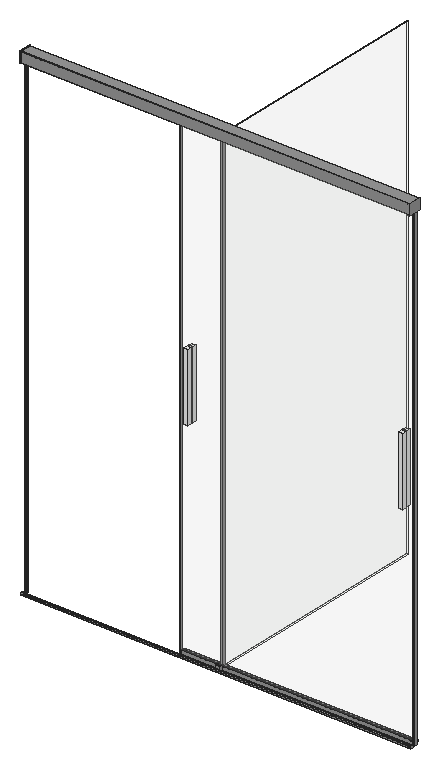
Revit family "Sanitary_Shower-screens_Duscholux_D5Custom20_Slider-1door-shower", category Aparatos sanitarios, Revit 2019
Family settings
  Cota de conector redondo = Diámetro de uso
  Tipo de pieza = Normal
  Número OmniClass = 23.45.00.00
  Título OmniClass = Sanitary, Laundry, and Cleaning Equipment
  Se basa en plano de trabajo = No
  Siempre vertical = Sí
  Corte con vacíos al cargar = No
  Compartido = No
  Punto de cálculo de habitación = No
Parameters (values of type "Platinum Aluminium Finish")
  Width Fixed Panel = 1200 mm
  Uper profile guide = Anodized Aluminium_Duscholux Material-Platinum Finish
  URL = "http://www.duscholux.es/"
  Thickness Safety Glass Sliding = 8 mm  # constant formula
  Technical Inspection Certificate (Applus) = "http://www.duscholux.es/resources/custom/var/APPLUS_en.pdf"
  Series = "D5"
  Ref. = "UMC / UXM"
  Products = "http://www.duscholux.es/mamparas_filtro.aspx?es"
  Optional = "Towel rail / Shelf / Customizable Uper profile guide"
  Opening System Image = "https://duscholux.es/resources/custom/img/mamparas/plumas/0F1PFDC.gif"
  Opening System = "Sliding"
  Opening Percentage = 0
  Modelo = "D5 Custom20"
  Min Max Width Fixed Panel = if(Width Fixed Panel < 200 mm, 200 mm, if(Width Fixed Panel > 1200 mm, 1200 mm, Width Fixed Panel))  # 1200 mm
  Maintenance and Cleaning = "http://www.duscholux.es/mamparas_limpieza.aspx?en"
  Image = "https://duscholux.es/resources/custom/img/mamparas/D5%20CUSTOM20/modelos/0F1PFDC/mampara_h.jpg"
  Handle Material = Zamac_Duscholux Material-Chrome Finish
  Glass in Building UNE EN 12150 = "CE Conformity marking"
  Glass Material = Glass_Material-Duscholux
  Frame Material = Anodized Aluminium_Duscholux Material-Platinum Finish
  Fact Sheet = "https://duscholux.blob.core.windows.net/pdf2022/en/Custom1PFD.pdf"
  Fabricante = "Duscholux Ibérica, S.A."
  Thickness Safety Glass Fixed Panel = 8 mm  # constant formula
  Environmental Management ISO 14001 = "ECOEMBES Certificate"
  Descripción = "1 sliding door shower + Fixed panel"
  Configuration enclosure = "http://configuratumampara.duscholux.es/eCatalogo.aspx"
  Components = "Eropean components"
  Combinations = "Lateral 90°"
  Código de montaje = "C1030200"
  Certified Quality UNE EN 14428 = "http://www.duscholux.es/duscholux_downloads.aspx?es"
  Opening Door = (((Min Max Width - Sliding Door Width) - 15.9 mm) * Opening Percentage / 100)  # 0 mm
  Sliding Door Width = (Min Max Width) - (Min Max Width * 0.4)  # 1200 mm
  Min Max Width = if(Width < 1160 mm, 1160 mm, if(Width > 2100 mm, 2100 mm, Width))  # 2000 mm
  Width = 2000 mm
  Handle Height = Max Height / 2  # 1250 mm
  Max Height = if(Height > 2500 mm, 2500 mm, Height)  # 2500 mm
  Height = 2500 mm
  Accesories Material = Anodized Aluminium_Duscholux Material-Platinum Finish
Types (4, lengths in mm): name | Uper profile guide | Handle Material | Frame Material | Accesories Material
  (no name) | Anodized Aluminium_Duscholux Material-Platinum Finish | Zamac_Duscholux Material-Chrome Finish | Anodized Aluminium_Duscholux Material-Platinum Finish | Anodized Aluminium_Duscholux Material-Platinum Finish
  Matte Silver Aluminium Finish | Anodized Aluminium_Duscholux Material-Matte Silver Finish | Zamac_Duscholux Material-Chrome Finish | Anodized Aluminium_Duscholux Material-Matte Silver Finish | Anodized Aluminium_Duscholux Material-Platinum Finish
  Platinum Aluminium Finish | Anodized Aluminium_Duscholux Material-Platinum Finish | Zamac_Duscholux Material-Chrome Finish | Anodized Aluminium_Duscholux Material-Platinum Finish | Anodized Aluminium_Duscholux Material-Platinum Finish
  Black Aluminium Finish | Anodized Aluminium_Duscholux Material-Black Finish | Anodized Aluminium_Duscholux Material-Black Finish | Anodized Aluminium_Duscholux Material-Black Finish | Anodized Aluminium_Duscholux Material-Black Finish
Reference planes
  plane 1 "Centro (Frontal/Posterior)": y = 0
  plane 2: z = 0
  plane 3 "Centro (Izquierda/Derecha)": x = -5.5
  plane 4: z = 2500
  plane 5: x = 1991.5
  plane 6: x = -8.5
  plane 7: z = 1250
  plane 8: x = 1988.5
  plane 9: x = 991.5
  plane 10: x = 977.25
  plane 11: y = 26.104
  plane 12: x = 1983.5
  plane 13: z = 0
  plane 14: z = 2448
  plane 15: z = 2453.154
  plane 16: y = 26.104
  plane 17: x = -0.5
  plane 18: x = 980
  plane 19: x = 1003
  plane 20: x = 981
  plane 21: x = 1002
  plane 22: x = 5
  plane 23: y = 1226.104
Forms (mm)
  Extrusion 1, solid, material "Glass_Material-Duscholux" <- "Glass Material"
    sketch origin (-224.526, -5.278, 0) x (1, 0, 0) y (0, 1, 0)
      loop
        line (1013.574, 35.382) -> (1013.574, 27.382) -> (2202.479, 27.382) -> (2202.479, 35.382) -> (1013.574, 35.382)
    from 3.247 to 2448
  Extrusion 2, solid, material "Anodized Aluminium_Duscholux Material-Platinum Finish" <- "Accesories Material", detail levels fine
    sketch origin (-5.5, -2.57, 0) x (0, 1, 0) y (0, 0, 1)
      loop
        line (-2.433, 7.579) -> (-2.433, 0) -> (7.636, 0) -> (7.636, 7.574)
        arc (7.636, 7.574) -> (6.912, 9.32) -> (5.166, 10.043) r 2.47
        line (5.166, 10.043) -> (0.032, 10.043)
        arc (0.032, 10.043) -> (-1.711, 9.321) -> (-2.433, 7.579) r 2.465
    from -3 to 1997
  Extrusion 3, solid, material "Anodized Aluminium_Duscholux Material-Platinum Finish" <- "Uper profile guide"
    sketch origin (-5.5, 0, 0) x (0, 1, 0) y (0, 0, 1)
      loop
        line (-9.997, 2499) -> (-9.997, 2449.124) -> (-7.5, 2449.124) -> (-7.5, 2499) -> (-9.997, 2499)
    from 0 to 1994
  Extrusion 4, solid, material "Anodized Aluminium_Duscholux Material-Platinum Finish" <- "Accesories Material"
    sketch origin (0, 0, 0) x (1, 0, 0) y (0, 1, 0)
      loop
        line (1991.5, 30.913) -> (1984.329, 30.405)
        arc (1984.329, 30.405) -> (1983.739, 30.119) -> (1983.5, 29.508) r 0.9
        line (1983.5, 29.508) -> (1983.5, 22.787)
        arc (1983.5, 22.787) -> (1983.739, 22.176) -> (1984.329, 21.89) r 0.9
        line (1984.329, 21.89) -> (1991.5, 21.382) -> (1991.5, 30.913)
    from 0 to 2448
  Extrusion 5, solid, material "Anodized Aluminium_Duscholux Material-Platinum Finish" <- "Frame Material"
    sketch origin (-5.5, 0, 0) x (0, 1, 0) y (0, 0, 1)
      loop
        line (-9.993, 2500) -> (-9.993, 2499) -> (-7.5, 2499) -> (-7.5, 2449.124) -> (-9.993, 2449.124) -> (-9.993, 2448) -> (-5.497, 2448) -> (-5.497, 2453.154) -> (5.503, 2453.154) -> (5.503, 2448) -> (21.382, 2448) -> (21.382, 2451.5) -> (7.803, 2451.5) -> (7.803, 2489.372) -> (42.403, 2489.372) -> (42.403, 2451.5) -> (33.536, 2451.5) -> (30.913, 2451.5) -> (30.913, 2448) -> (51.003, 2448) -> (51.003, 2500) -> (-9.993, 2500)
    from 0 to 1994
  Extrusion 6, solid, material "Anodized Aluminium_Duscholux Material-Platinum Finish" <- "Accesories Material"
    sketch origin (-5.5, 0, 0) x (0, 1, 0) y (0, 0, 1)
      loop
        line (51.003, 2500) -> (-9.993, 2500) -> (-9.993, 2448) -> (51.003, 2448) -> (51.003, 2500)
    from 1994 to 1997
  Extrusion 7, solid, material "Anodized Aluminium_Duscholux Material-Platinum Finish" <- "Accesories Material"
    sketch origin (-5.5, 0, 0) x (0, 1, 0) y (0, 0, 1)
      loop
        line (51.003, 2500) -> (-9.993, 2500) -> (-9.993, 2448) -> (-5.497, 2448) -> (-5.497, 2453.154) -> (5.503, 2453.154) -> (5.503, 2448) -> (51.003, 2448) -> (51.003, 2500)
    from -3 to 0
  Extrusion 8, solid, material "Anodized Aluminium_Duscholux Material-Platinum Finish" <- "Accesories Material"
    sketch origin (-5.5, -1.517, 0) x (0, 1, 0) y (0, 0, 1)
      loop
        line (18.142, 0) -> (32.674, 0) -> (32.674, 1.937) -> (22.658, 1.937) -> (22.048, 3.247) -> (22.048, 17.613)
        arc (22.048, 17.613) -> (21.323, 18.338) -> (20.598, 17.613) r 0.725
        line (20.598, 17.613) -> (20.598, 2.081)
        arc (20.598, 2.081) -> (19.751, 0.59) -> (18.142, 0) r 2.49
    from 986.5 to 1007.5
  Extrusion 9, solid, material "Anodized Aluminium_Duscholux Material-Platinum Finish" <- "Accesories Material"
    sketch origin (-5.5, 0, 0) x (0, 1, 0) y (0, 0, 1)
      loop
        line (16.624, 21.54) -> (8.348, 21.54) -> (8.348, 0) -> (16.624, 0)
        arc (16.624, 0) -> (18.234, 0.59) -> (19.08, 2.081) r 2.49
        line (19.08, 2.081) -> (19.08, 18.641)
        arc (19.08, 18.641) -> (18.524, 20.66) -> (16.624, 21.54) r 2.49
    from 985.5 to 1008.5
  Extrusion 10, solid, material "Plástico, transparente", detail levels fine
    sketch origin (-5.5, 0, 0) x (0, 1, 0) y (0, 0, 1)
      loop
        line (53.604, 7.939) -> (30.613, 19.957)
        arc (30.613, 19.957) -> (30.035, 19.897) -> (29.865, 19.34) r 0.526
        line (29.865, 19.34) -> (30.104, 18.42) -> (30.104, 3.247) -> (22.104, 3.247) -> (22.104, 19.859) -> (21.222, 19.757) -> (21.222, 1.937) -> (31.156, 1.937) -> (31.156, 15.691)
        arc (31.156, 15.691) -> (31.449, 16.325) -> (32.121, 16.515) r 0.834
        line (32.121, 16.515) -> (52.104, 6.92) -> (52.104, 1.207)
        arc (52.104, 1.207) -> (52.809, 0.774) -> (53.604, 1.006) r 1.02
        line (53.604, 1.006) -> (53.604, 7.939)
    from 794.548 to 1983.452
  Extrusion 11, solid, material "Anodized Aluminium_Duscholux Material-Platinum Finish" <- "Frame Material"
    sketch origin (0, 0, 0) x (1, 0, 0) y (0, 1, 0)
      loop
        line (-1.329, 30.361) -> (-8.5, 30.869) -> (-8.5, 21.339) -> (-1.329, 21.846)
        arc (-1.329, 21.846) -> (-0.739, 22.132) -> (-0.5, 22.743) r 0.9
        line (-0.5, 22.743) -> (-0.5, 29.464)
        arc (-0.5, 29.464) -> (-0.739, 30.075) -> (-1.329, 30.361) r 0.9
    from 0 to 2448
  Extrusion 12, solid, material "Anodized Aluminium_Duscholux Material-Platinum Finish" <- "Frame Material"
    sketch origin (22.702, 0, 0) x (1, 0, 0) y (0, 1, 0)
      loop
        line (760.798, 29.508) -> (760.798, 22.787) -> (766.345, 21.498) -> (766.345, 30.739) -> (760.798, 29.508)
    from 0 to 2448
  Extrusion 13, solid, material "Anodized Aluminium_Duscholux Material-Platinum Finish" <- "Frame Material"
    sketch origin (230.162, 0, 0) x (1, 0, 0) y (0, 1, 0)
      loop
        line (1747.79, 30.739) -> (1747.79, 21.498) -> (1753.338, 22.787) -> (1753.338, 29.508) -> (1747.79, 30.739)
    from 0 to 2448
  Extrusion 14, solid, material "Plástico, transparente"
    sketch origin (0, 0, 0) x (1, 0, 0) y (0, 1, 0)
      loop
        line (995.5, 41.174) -> (987.5, 41.174) -> (987.5, 46.174) -> (986.5, 46.174) -> (986.5, 32.574)
        arc (986.5, 32.574) -> (991.5, 31.174) -> (996.5, 32.574) r 9.629
        line (996.5, 32.574) -> (996.5, 46.174) -> (995.5, 46.174) -> (995.5, 41.174)
    from 0 to 2448
  Extrusion 15, solid, material "Glass_Material-Duscholux" <- "Glass Material"
    sketch origin (0, 0, 0) x (1, 0, 0) y (0, 1, 0)
      loop
        line (995.5, 41.174) -> (995.5, 1226.104) -> (987.5, 1226.104) -> (987.5, 41.174) -> (995.5, 41.174)
    from 0 to 2448
Lines and regions (mm)
  reference lines
    curve 1: line (-5.5, -2.4, 0) -> (-5.5, -2.4, 10)
Dimensions and locks
  "Width": plane 6 to plane 5
  locked: plane 6 to plane 3 "Centro (Izquierda/Derecha)" at 3
  "Handle Height": plane 7 to level
  level to Extrusion 2 = 10.043 mm
  locked: plane 8 to plane 5 at 3
  equal spacing: plane 6, plane 9, plane 5
  locked: plane 10 to plane 9 at 14.25
  "Max Height": plane 4 to plane 2
  locked: plane 12 to plane 8 at 5
  locked: nested 2 to Extrusion 1 at 45
  locked: plane 4 to plane 14 at 52
  locked: plane 4 to plane 15 at 46.846
  locked: Extrusion 1 to nested 4 at 45
  locked: Extrusion 1 to nested 3 at 45
  locked: plane 6 to plane 17 at 8
  locked: Extrusion 12 to Extrusion 1 at 5.548
  locked: plane 18 to plane 9 at 11.5
  locked: plane 9 to plane 19 at 11.5
  locked: plane 18 to plane 20 at 1
  locked: plane 21 to plane 19 at 1
  locked: nested 1 to Extrusion 1 at 45
  locked: Extrusion 13 to Extrusion 13 at 5.548
  "Opening Door": Extrusion 13 to plane 12
  "Sliding Door Width": Extrusion 12 to Extrusion 13
  locked: plane 9 to Extrusion 15 at 4
  locked: Extrusion 15 to plane 9 at 4
  "Width Fixed Panel": plane 23 to plane 16
  aligned and locked: level to plane 2
  aligned and locked: Extrusion 3 to plane 3 "Centro (Izquierda/Derecha)"
  aligned and locked: plane 8 to Extrusion 3
  aligned and locked: plane 8 to Extrusion 5
  aligned and locked: Extrusion 3 to Extrusion 5
  aligned and locked: plane 5 to Extrusion 6
  aligned and locked: Extrusion 6 to plane 8
  aligned and locked: plane 7 to nested 2
  aligned and locked: plane 7 to nested 1
  aligned and locked: Extrusion 7 to plane 6
  aligned and locked: plane 3 "Centro (Izquierda/Derecha)" to Extrusion 7
  aligned and locked: Extrusion 4 to Extrusion 5
  aligned and locked: Extrusion 5 to plane 14
  aligned and locked: plane 14 to Extrusion 1
  aligned and locked: plane 5 to Extrusion 2
  aligned and locked: plane 7 to nested 3
  aligned and locked: plane 7 to nested 4
  aligned and locked: plane 14 to Extrusion 11
  aligned and locked: plane 17 to Extrusion 11
  aligned and locked: Extrusion 11 to plane 6
  aligned and locked: Extrusion 2 to plane 6
  aligned and locked: Extrusion 10 to Extrusion 1  (x2)
  aligned and locked: Extrusion 9 to plane 18
  aligned and locked: plane 19 to Extrusion 9
  aligned and locked: Extrusion 8 to plane 20
  aligned and locked: plane 21 to Extrusion 8
  aligned and locked: plane 14 to Extrusion 12
  aligned and locked: Extrusion 12 to Extrusion 1
  aligned and locked: Extrusion 13 to Extrusion 1
  aligned and locked: plane 14 to Extrusion 13
  aligned and locked: plane 14 to Extrusion 15
  aligned and locked: plane 14 to Extrusion 14
  aligned and locked: plane 23 to Extrusion 15
Automatic sketch dimensions
  curve 1 to level = 0 mm
  plane 1 "Centro (Frontal/Posterior)" to curve 1 = 2.4 mm
  curve 1 to curve 1 = 10 mm
  Extrusion 2 sketch curve to level = 0 mm
  plane 1 "Centro (Frontal/Posterior)" to Extrusion 2 sketch curve = 5.003 mm
  Extrusion 2 sketch curve to Extrusion 2 sketch curve = 2.465 mm
  Extrusion 2 sketch curve to plane 1 "Centro (Frontal/Posterior)" = 2.596 mm
  Extrusion 2 sketch curve to plane 1 "Centro (Frontal/Posterior)" = 5.066 mm
  Extrusion 2 sketch curve to Extrusion 2 sketch curve = 7.574 mm
  Extrusion 8 sketch curve to level = 0 mm
  Extrusion 8 sketch curve to plane 11 = 9.479 mm
  Extrusion 8 sketch curve to plane 11 = 7.023 mm
  Extrusion 8 sketch curve to Extrusion 8 sketch curve = 0.725 mm
  level to Extrusion 8 sketch curve = 1.937 mm
  Extrusion 8 sketch curve to Extrusion 8 sketch curve = 0.611 mm
  plane 11 to Extrusion 8 sketch curve = 5.053 mm
  Extrusion 8 sketch curve to Extrusion 8 sketch curve = 0.143 mm
  Extrusion 8 sketch curve to Extrusion 8 sketch curve = 1.31 mm
  Extrusion 8 sketch curve to Extrusion 8 sketch curve = 14.366 mm
  Extrusion 9 sketch curve to level = 0 mm
  Extrusion 9 sketch curve to plane 1 "Centro (Frontal/Posterior)" = 8.348 mm
  Extrusion 9 sketch curve to Extrusion 9 sketch curve = 8.277 mm  (x2)
  level to Extrusion 9 sketch curve = 2.081 mm
  Extrusion 9 sketch curve to Extrusion 9 sketch curve = 2.456 mm
  Extrusion 9 sketch curve to Extrusion 9 sketch curve = 16.152 mm
  Extrusion 9 sketch curve to Extrusion 9 sketch curve = 0.409 mm
  level to Extrusion 10 sketch curve = 1.937 mm
  Extrusion 10 sketch curve to plane 11 = 4.882 mm
  Extrusion 10 sketch curve to Extrusion 10 sketch curve = 0.882 mm
  plane 11 to Extrusion 10 sketch curve = 3.761 mm
  Extrusion 10 sketch curve to Extrusion 10 sketch curve = 0.239 mm
  Extrusion 10 sketch curve to Extrusion 10 sketch curve = 0.504 mm
  Extrusion 10 sketch curve to Extrusion 10 sketch curve = 0.244 mm
  Extrusion 10 sketch curve to Extrusion 10 sketch curve = 1.053 mm
  Extrusion 10 sketch curve to Extrusion 10 sketch curve = 0.834 mm
  Extrusion 10 sketch curve to Extrusion 10 sketch curve = 0.131 mm
  level to Extrusion 10 sketch curve = 1.207 mm
  Extrusion 10 sketch curve to Extrusion 10 sketch curve = 20.947 mm
  Extrusion 10 sketch curve to Extrusion 10 sketch curve = 0.841 mm
  Extrusion 10 sketch curve to Extrusion 10 sketch curve = 0.659 mm
  level to Extrusion 10 sketch curve = 1.006 mm
  Extrusion 10 sketch curve to Extrusion 10 sketch curve = 1.31 mm
  Extrusion 10 sketch curve to Extrusion 10 sketch curve = 5.136 mm
  Extrusion 10 sketch curve to Extrusion 10 sketch curve = 1.019 mm
  Extrusion 10 sketch curve to Extrusion 10 sketch curve = 12.444 mm
  Extrusion 10 sketch curve to Extrusion 10 sketch curve = 1.906 mm
  Extrusion 10 sketch curve to Extrusion 10 sketch curve = 0.92 mm
  Extrusion 10 sketch curve to Extrusion 10 sketch curve = 0.15 mm
  Extrusion 10 sketch curve to Extrusion 10 sketch curve = 0.416 mm
  Extrusion 10 sketch curve to Extrusion 10 sketch curve = 0.103 mm
  plane 22 to Extrusion 1 sketch curve = 784.048 mm
  Extrusion 1 sketch curve to plane 11 = 4 mm
  plane 19 to Extrusion 1 sketch curve = 974.952 mm
  plane 11 to Extrusion 1 sketch curve = 4 mm
  plane 14 to Extrusion 3 sketch curve = 1.124 mm
  plane 1 "Centro (Frontal/Posterior)" to Extrusion 3 sketch curve = 9.997 mm
  Extrusion 3 sketch curve to Extrusion 3 sketch curve = 2.497 mm
  Extrusion 3 sketch curve to plane 4 = 1 mm
  Extrusion 4 sketch curve to plane 12 = 0 mm
  Extrusion 4 sketch curve to plane 5 = 0 mm
  plane 12 to Extrusion 4 sketch curve = 0.829 mm  (x2)
  plane 12 to Extrusion 4 sketch curve = 0.9 mm  (x2)
  Extrusion 4 sketch curve to plane 11 = 4.721 mm
  Extrusion 4 sketch curve to plane 11 = 4.214 mm
  plane 11 to Extrusion 4 sketch curve = 3.404 mm
  plane 11 to Extrusion 4 sketch curve = 4.809 mm
  Extrusion 5 sketch curve to plane 4 = 0 mm
  Extrusion 5 sketch curve to plane 14 = 0 mm  (x3)
  Extrusion 5 sketch curve to plane 15 = 0 mm
  plane 1 "Centro (Frontal/Posterior)" to Extrusion 5 sketch curve = 9.993 mm  (x2)
  plane 14 to Extrusion 5 sketch curve = 1.124 mm
  Extrusion 5 sketch curve to plane 4 = 1 mm
  Extrusion 5 sketch curve to Extrusion 5 sketch curve = 2.493 mm
  Extrusion 5 sketch curve to Extrusion 5 sketch curve = 2.003 mm
  Extrusion 5 sketch curve to plane 1 "Centro (Frontal/Posterior)" = 5.503 mm
  Extrusion 5 sketch curve to plane 1 "Centro (Frontal/Posterior)" = 7.803 mm
  Extrusion 5 sketch curve to plane 11 = 4.721 mm
  Extrusion 5 sketch curve to plane 15 = 1.654 mm  (x2)
  plane 11 to Extrusion 5 sketch curve = 4.809 mm
  Extrusion 5 sketch curve to Extrusion 5 sketch curve = 2.623 mm
  plane 11 to Extrusion 5 sketch curve = 16.3 mm
  Extrusion 5 sketch curve to Extrusion 5 sketch curve = 8.6 mm
  Extrusion 5 sketch curve to plane 4 = 10.628 mm
  Extrusion 6 sketch curve to plane 4 = 0 mm
  Extrusion 6 sketch curve to plane 14 = 0 mm
  plane 1 "Centro (Frontal/Posterior)" to Extrusion 6 sketch curve = 9.993 mm
  plane 11 to Extrusion 6 sketch curve = 24.9 mm
  Extrusion 7 sketch curve to plane 4 = 0 mm
  Extrusion 7 sketch curve to plane 14 = 0 mm  (x2)
  Extrusion 7 sketch curve to plane 15 = 0 mm
  plane 1 "Centro (Frontal/Posterior)" to Extrusion 7 sketch curve = 9.993 mm
  plane 1 "Centro (Frontal/Posterior)" to Extrusion 7 sketch curve = 5.497 mm
  Extrusion 7 sketch curve to plane 1 "Centro (Frontal/Posterior)" = 5.503 mm
  plane 11 to Extrusion 7 sketch curve = 24.9 mm
  Extrusion 11 sketch curve to plane 6 = 0 mm
  Extrusion 11 sketch curve to plane 17 = 0 mm
  Extrusion 11 sketch curve to plane 17 = 0.9 mm  (x2)
  Extrusion 11 sketch curve to plane 17 = 0.829 mm  (x2)
  Extrusion 11 sketch curve to plane 11 = 4.765 mm
  Extrusion 11 sketch curve to plane 11 = 4.258 mm
  plane 11 to Extrusion 11 sketch curve = 3.36 mm
  plane 11 to Extrusion 11 sketch curve = 4.765 mm
  plane 17 to Extrusion 12 sketch curve = 784 mm
  plane 22 to Extrusion 12 sketch curve = 784.048 mm
  Extrusion 12 sketch curve to plane 11 = 4.606 mm
  Extrusion 12 sketch curve to plane 11 = 3.317 mm
  plane 11 to Extrusion 12 sketch curve = 3.404 mm
  plane 11 to Extrusion 12 sketch curve = 4.636 mm
  plane 11 to Extrusion 13 sketch curve = 4.636 mm
  plane 19 to Extrusion 13 sketch curve = 974.952 mm
  Extrusion 13 sketch curve to plane 11 = 3.317 mm
  Extrusion 13 sketch curve to Extrusion 13 sketch curve = 5.548 mm
  Extrusion 13 sketch curve to plane 11 = 4.606 mm
  plane 11 to Extrusion 13 sketch curve = 3.404 mm
  Extrusion 14 sketch curve to plane 9 = 0 mm
  Extrusion 14 sketch curve to plane 9 = 4 mm
  Extrusion 14 sketch curve to Extrusion 14 sketch curve = 1 mm  (x2)
  plane 9 to Extrusion 14 sketch curve = 4 mm
  plane 11 to Extrusion 14 sketch curve = 6.47 mm
  Extrusion 14 sketch curve to Extrusion 14 sketch curve = 8.229 mm
  Extrusion 14 sketch curve to Extrusion 14 sketch curve = 5.371 mm  (x2)
  Extrusion 14 sketch curve to Extrusion 14 sketch curve = 0.371 mm
  Extrusion 15 sketch curve to plane 9 = 4 mm
  plane 9 to Extrusion 15 sketch curve = 4 mm
  plane 11 to Extrusion 15 sketch curve = 15.07 mm
  Extrusion 15 sketch curve to Extrusion 15 sketch curve = 1184.93 mm
Nested families
  nested 1: "Handle-ext-D5" at (1932.952, 22.104, 1250) x (-1, 0, 0) z (0, -1, 0), type "Handle-ext-D5", detail levels medium+fine
  nested 2: "Handle-int-D5" at (1932.952, 30.104, 1250) x (1, 0, 0) z (0, 1, 0), type "Handle-int-D5", detail levels medium+fine
  nested 3: "Handle-ext-D5" at (834.048, 22.104, 1250) x (-1, 0, 0) z (0, -1, 0), type "Handle-ext-D5", detail levels medium+fine
  nested 4: "Handle-int-D5" at (834.048, 30.104, 1250) x (1, 0, 0) z (0, 1, 0), type "Handle-int-D5", detail levels medium+fine
Definition of nested family "Handle-ext-D5"
  Parameters (values of type "Handle-ext-D5")
    Long. tirador = 350 mm
    Handle Material = none
    Espesor = 19 mm
    Default Elevation = 1219.2 mm
  Reference planes
    plane 1 "Centro (Frontal/Posterior)": y = 0
    plane 2: z = 0
    plane 3 "Centro (Izquierda/Derecha)": x = 0
    plane 4: y = 175
    plane 5: y = -175
    plane 6: x = -9.5
    plane 7: x = 9.5
    plane 8: z = 0
    plane 9: z = 21
  Forms (mm)
    Extrusion 1, solid
      sketch origin (0, 0, 0) x (1, 0, 0) y (0, 1, 0)
        loop
          line (-1219.2, 1219.2) -> (-1219.2, -1219.2) -> (1219.2, -1219.2) -> (1219.2, 1219.2) -> (-1219.2, 1219.2)
      from 0 to -304.8
    Extrusion 2, solid, material <- "Handle Material"
      sketch origin (0, 0, 0) x (1, 0, 0) y (0, 0, 1)
        loop
          line (-9.5, 21) -> (-9.5, 0) -> (9.5, 0) -> (9.5, 21) -> (-9.5, 21)
      from -175 to 175
  Dimensions and locks
    equal spacing: plane 4, plane 1 "Centro (Frontal/Posterior)", plane 5
    equal spacing: plane 6, plane 3 "Centro (Izquierda/Derecha)", plane 7
    "Espesor": plane 6 to plane 7
    "Long. tirador": plane 4 to plane 5
    locked: plane 9 to Extrusion 1 at 21
    aligned and locked: plane 2 to Extrusion 1
    aligned and locked: level to Extrusion 1
    aligned and locked: plane 9 to Extrusion 2
    aligned and locked: plane 7 to Extrusion 2
    aligned and locked: Extrusion 2 to plane 6
    aligned and locked: Extrusion 2 to Extrusion 1
    aligned and locked: plane 4 to Extrusion 2
    aligned and locked: Extrusion 2 to plane 5
  Automatic sketch dimensions
    Extrusion 1 sketch curve to Extrusion 1 sketch curve = 2438.4 mm  (x2)
    Extrusion 2 sketch curve to plane 6 = 0 mm
    Extrusion 2 sketch curve to level = 0 mm
    Extrusion 2 sketch curve to plane 7 = 0 mm
    Extrusion 2 sketch curve to plane 9 = 0 mm
Definition of nested family "Handle-int-D5"
  Parameters (values of type "Handle-int-D5")
    Long. tirador = 350 mm
    Handle Material = none
    Espesor = 19 mm
    Default Elevation = 1219.2 mm
  Reference planes
    plane 1 "Centro (Frontal/Posterior)": y = 0
    plane 2: z = 0
    plane 3 "Centro (Izquierda/Derecha)": x = 0
    plane 4: y = 175
    plane 5: y = -175
    plane 6: x = -9.5
    plane 7: x = 9.5
    plane 8: z = 0
    plane 9: z = 19
  Forms (mm)
    Extrusion 1, solid
      sketch origin (0, 0, 0) x (1, 0, 0) y (0, 1, 0)
        loop
          line (-1219.2, 1219.2) -> (-1219.2, -1219.2) -> (1219.2, -1219.2) -> (1219.2, 1219.2) -> (-1219.2, 1219.2)
      from 0 to -304.8
    Extrusion 2, solid, material <- "Handle Material"
      sketch origin (0, 0, 0) x (1, 0, 0) y (0, 0, 1)
        loop
          line (-9.5, 19) -> (-9.5, 0) -> (9.5, 0) -> (9.5, 19) -> (-9.5, 19)
      from -175 to 175
  Dimensions and locks
    equal spacing: plane 4, plane 1 "Centro (Frontal/Posterior)", plane 5
    equal spacing: plane 6, plane 3 "Centro (Izquierda/Derecha)", plane 7
    "Espesor": plane 6 to plane 7
    "Long. tirador": plane 4 to plane 5
    locked: plane 9 to Extrusion 1 at 19
    aligned and locked: plane 2 to Extrusion 1
    aligned and locked: level to Extrusion 1
    aligned and locked: plane 9 to Extrusion 2
    aligned and locked: plane 7 to Extrusion 2
    aligned and locked: Extrusion 2 to plane 6
    aligned and locked: Extrusion 2 to Extrusion 1
    aligned and locked: plane 4 to Extrusion 2
    aligned and locked: Extrusion 2 to plane 5
  Automatic sketch dimensions
    Extrusion 1 sketch curve to Extrusion 1 sketch curve = 2438.4 mm  (x2)
    Extrusion 2 sketch curve to plane 6 = 0 mm
    Extrusion 2 sketch curve to level = 0 mm
    Extrusion 2 sketch curve to plane 7 = 0 mm
    Extrusion 2 sketch curve to plane 9 = 0 mm
